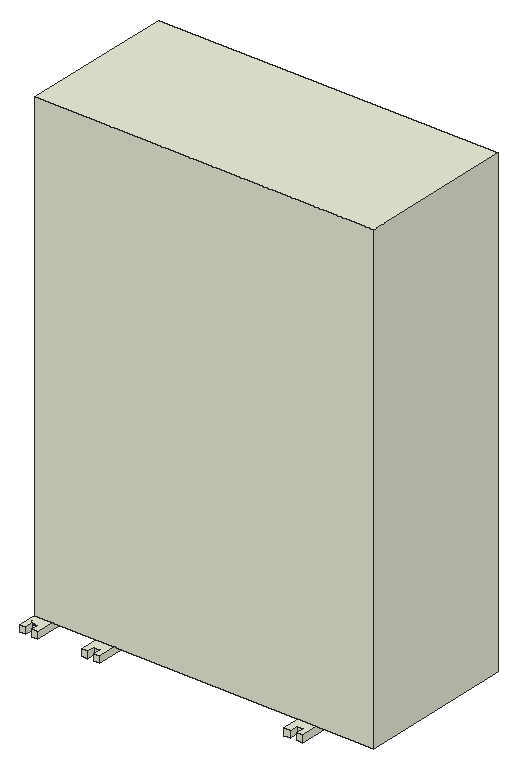
Revit family "Midea_VRF_Outdoor_Vi_MDVT-V280(335)WDGN1(50_60Hz)", category Mechanical Equipment, Revit 2013 (continued)
Automatic sketch dimensions
  curve 89 to curve 114 = 0.000 mm  (x2)
  curve 90 to curve 91 = 0.000 mm  (x2)
  curve 90 to curve 98 = 0.000 mm  (x2)
  curve 90 to curve 99 = 0.000 mm  (x2)
  curve 90 to curve 100 = 0.000 mm  (x2)
  curve 90 to curve 101 = 0.000 mm  (x2)
  curve 90 to curve 102 = 0.000 mm  (x2)
  curve 90 to curve 103 = 0.000 mm  (x2)
  curve 90 to curve 104 = 0.000 mm  (x2)
  curve 90 to curve 105 = 0.000 mm  (x2)
  curve 90 to curve 106 = 0.000 mm  (x2)
  curve 90 to curve 107 = 0.000 mm  (x2)
  curve 90 to curve 108 = 0.000 mm  (x2)
  curve 90 to curve 109 = 0.000 mm  (x2)
  curve 90 to curve 110 = 0.000 mm  (x2)
  curve 90 to curve 114 = 0.000 mm  (x2)
  curve 91 to curve 98 = 0.000 mm  (x2)
  curve 91 to curve 99 = 0.000 mm  (x2)
  curve 91 to curve 100 = 0.000 mm  (x2)
  curve 91 to curve 101 = 0.000 mm  (x2)
  curve 91 to curve 102 = 0.000 mm  (x2)
  curve 91 to curve 103 = 0.000 mm  (x2)
  curve 91 to curve 104 = 0.000 mm  (x2)
  curve 91 to curve 105 = 0.000 mm  (x2)
  curve 91 to curve 106 = 0.000 mm  (x2)
  curve 91 to curve 107 = 0.000 mm  (x2)
  curve 91 to curve 108 = 0.000 mm  (x2)
  curve 91 to curve 109 = 0.000 mm  (x2)
  curve 91 to curve 110 = 0.000 mm  (x2)
  curve 91 to curve 114 = 0.000 mm  (x2)
  curve 98 to curve 99 = 0.000 mm  (x2)
  curve 98 to curve 100 = 0.000 mm  (x2)
  curve 98 to curve 101 = 0.000 mm  (x2)
  curve 98 to curve 102 = 0.000 mm  (x2)
  curve 98 to curve 103 = 0.000 mm  (x2)
  curve 98 to curve 104 = 0.000 mm  (x2)
  curve 98 to curve 105 = 0.000 mm  (x2)
  curve 98 to curve 106 = 0.000 mm  (x2)
  curve 98 to curve 107 = 0.000 mm  (x2)
  curve 98 to curve 108 = 0.000 mm  (x2)
  curve 98 to curve 109 = 0.000 mm  (x2)
  curve 98 to curve 110 = 0.000 mm  (x2)
  curve 98 to curve 114 = 0.000 mm  (x2)
  curve 99 to curve 100 = 0.000 mm  (x2)
  curve 99 to curve 101 = 0.000 mm  (x2)
  curve 99 to curve 102 = 0.000 mm  (x2)
  curve 99 to curve 103 = 0.000 mm  (x2)
  curve 99 to curve 104 = 0.000 mm  (x2)
  curve 99 to curve 105 = 0.000 mm  (x2)
  curve 99 to curve 106 = 0.000 mm  (x2)
  curve 99 to curve 107 = 0.000 mm  (x2)
  curve 99 to curve 108 = 0.000 mm  (x2)
  curve 99 to curve 109 = 0.000 mm  (x2)
  curve 99 to curve 110 = 0.000 mm  (x2)
  curve 99 to curve 114 = 0.000 mm  (x2)
  curve 100 to curve 101 = 0.000 mm  (x2)
  curve 100 to curve 102 = 0.000 mm  (x2)
  curve 100 to curve 103 = 0.000 mm  (x2)
  curve 100 to curve 104 = 0.000 mm  (x2)
  curve 100 to curve 105 = 0.000 mm  (x2)
  curve 100 to curve 106 = 0.000 mm  (x2)
  curve 100 to curve 107 = 0.000 mm  (x2)
  curve 100 to curve 108 = 0.000 mm  (x2)
  curve 100 to curve 109 = 0.000 mm  (x2)
  curve 100 to curve 110 = 0.000 mm  (x2)
  curve 100 to curve 114 = 0.000 mm  (x2)
  curve 101 to curve 102 = 0.000 mm  (x2)
  curve 101 to curve 103 = 0.000 mm  (x2)
  curve 101 to curve 104 = 0.000 mm  (x2)
  curve 101 to curve 105 = 0.000 mm  (x2)
  curve 101 to curve 106 = 0.000 mm  (x2)
  curve 101 to curve 107 = 0.000 mm  (x2)
  curve 101 to curve 108 = 0.000 mm  (x2)
  curve 101 to curve 109 = 0.000 mm  (x2)
  curve 101 to curve 110 = 0.000 mm  (x2)
  curve 101 to curve 114 = 0.000 mm  (x2)
  curve 102 to curve 103 = 0.000 mm  (x2)
  curve 102 to curve 104 = 0.000 mm  (x2)
  curve 102 to curve 105 = 0.000 mm  (x2)
  curve 102 to curve 106 = 0.000 mm  (x2)
  curve 102 to curve 107 = 0.000 mm  (x2)
  curve 102 to curve 108 = 0.000 mm  (x2)
  curve 102 to curve 109 = 0.000 mm  (x2)
  curve 102 to curve 110 = 0.000 mm  (x2)
  curve 102 to curve 114 = 0.000 mm  (x2)
  curve 103 to curve 104 = 0.000 mm  (x2)
  curve 103 to curve 105 = 0.000 mm  (x2)
  curve 103 to curve 106 = 0.000 mm  (x2)
  curve 103 to curve 107 = 0.000 mm  (x2)
  curve 103 to curve 108 = 0.000 mm  (x2)
  curve 103 to curve 109 = 0.000 mm  (x2)
  curve 103 to curve 110 = 0.000 mm  (x2)
  curve 103 to curve 114 = 0.000 mm  (x2)
  curve 104 to curve 105 = 0.000 mm  (x2)
  curve 104 to curve 106 = 0.000 mm  (x2)
  curve 104 to curve 107 = 0.000 mm  (x2)
  curve 104 to curve 108 = 0.000 mm  (x2)
  curve 104 to curve 109 = 0.000 mm  (x2)
  curve 104 to curve 110 = 0.000 mm  (x2)
  curve 104 to curve 114 = 0.000 mm  (x2)
  curve 105 to curve 106 = 0.000 mm  (x2)
  curve 105 to curve 107 = 0.000 mm  (x2)
  curve 105 to curve 108 = 0.000 mm  (x2)
  curve 105 to curve 109 = 0.000 mm  (x2)
  curve 105 to curve 110 = 0.000 mm  (x2)
  curve 105 to curve 114 = 0.000 mm  (x2)
  curve 106 to curve 107 = 0.000 mm  (x2)
  curve 106 to curve 108 = 0.000 mm  (x2)
  curve 106 to curve 109 = 0.000 mm  (x2)
  curve 106 to curve 110 = 0.000 mm  (x2)
  curve 106 to curve 114 = 0.000 mm  (x2)
  curve 107 to curve 108 = 0.000 mm  (x2)
  curve 107 to curve 109 = 0.000 mm  (x2)
  curve 107 to curve 110 = 0.000 mm  (x2)
  curve 107 to curve 114 = 0.000 mm  (x2)
  curve 108 to curve 109 = 0.000 mm  (x2)
  curve 108 to curve 110 = 0.000 mm  (x2)
  curve 108 to curve 114 = 0.000 mm  (x2)
  curve 109 to curve 110 = 0.000 mm  (x2)
  curve 109 to curve 114 = 0.000 mm  (x2)
  curve 110 to curve 114 = 0.000 mm  (x2)
  curve 137 to curve 139 = 0.000 mm  (x2)
  plane 7 to curve 127 = 144.500 mm
  plane 4 to curve 115 = 86.339 mm
  plane 7 to curve 145 = 144.500 mm
  curve 34 to curve 128 = 0.000 mm
  plane 7 to curve 135 = 144.500 mm
  curve 127 to curve 130 = 0.000 mm
  curve 146 to curve 142 = 0.000 mm
  curve 34 to curve 33 = 16.500 mm
  curve 142 to curve 141 = 16.500 mm
  curve 127 to curve 126 = 16.500 mm
  curve 135 to curve 134 = 16.500 mm
  curve 130 to curve 129 = 16.500 mm
  curve 145 to curve 144 = 16.500 mm
  plane 3 to curve 135 = 32.535 mm
  plane 3 to curve 34 = 32.535 mm
  plane 3 to curve 33 = 16.035 mm
  plane 3 to curve 134 = 16.035 mm
  plane 3 to curve 37 = 11.734 mm
  plane 3 to curve 138 = 11.734 mm
  curve 36 to curve 39 = 3.000 mm
  curve 138 to curve 140 = 3.000 mm
  curve 113 to plane 3 = 162.000 mm
  curve 77 to plane 3 = 162.000 mm
  curve 113 to curve 115 = 526.063 mm
  level to curve 73 = 125.130 mm
  curve 73 to curve 73 = 526.063 mm
  curve 135 to curve 136 = 8.250 mm
  curve 130 to curve 131 = 8.250 mm
  curve 142 to curve 143 = 8.250 mm
  curve 145 to curve 146 = 8.250 mm
  curve 127 to curve 128 = 8.250 mm
  curve 34 to curve 35 = 8.250 mm
  plane 3 to curve 127 = 32.535 mm
  plane 3 to curve 142 = 32.535 mm
  plane 3 to curve 130 = 32.535 mm
  plane 3 to curve 145 = 32.535 mm
  curve 135 to curve 139 = 8.250 mm
  curve 34 to curve 36 = 8.250 mm
  plane 3 to curve 126 = 16.035 mm
  plane 3 to curve 129 = 16.035 mm
  plane 3 to curve 144 = 16.035 mm
  plane 3 to curve 141 = 16.035 mm
  curve 138 to plane 3 = 27.753 mm
  curve 37 to plane 3 = 27.753 mm
  curve 37 to curve 39 = 5.031 mm
  curve 138 to curve 140 = 5.031 mm
  curve 72 to plane 3 = 62.000 mm
  curve 111 to plane 3 = 62.000 mm
  curve 105 to curve 103 = 0.434 mm
  curve 66 to curve 64 = 0.434 mm
  curve 60 to curve 73 = 0.433 mm
  curve 99 to curve 112 = 0.433 mm
  curve 60 to curve 61 = 0.052 mm
  curve 99 to curve 100 = 0.052 mm
  curve 105 to curve 97 = 0.143 mm
  curve 66 to curve 58 = 0.143 mm
  curve 58 to curve 65 = 0.672 mm
  curve 97 to curve 104 = 0.672 mm
  curve 103 to curve 102 = 0.612 mm
  curve 64 to curve 63 = 0.612 mm
  curve 113 to curve 102 = 60.335 mm
  curve 74 to curve 63 = 60.335 mm
  curve 73 to curve 60 = 61.301 mm
  curve 112 to curve 99 = 61.301 mm
  curve 105 to curve 96 = 82.934 mm
  curve 66 to curve 57 = 82.934 mm
  curve 63 to curve 64 = 35.290 mm
  curve 102 to curve 103 = 35.290 mm
  curve 60 to curve 61 = 34.919 mm
  curve 99 to curve 100 = 34.919 mm
  curve 61 to curve 62 = 37.940 mm
  curve 100 to curve 101 = 37.940 mm
  curve 103 to curve 104 = 41.751 mm
  curve 64 to curve 65 = 41.751 mm
  curve 101 to curve 111 = 10.081 mm
  curve 62 to curve 72 = 10.081 mm
  curve 72 to curve 78 = 7.459 mm
  curve 111 to curve 117 = 7.459 mm
  curve 65 to curve 53 = 36.488 mm
  curve 104 to curve 92 = 36.488 mm
  curve 53 to curve 66 = 22.669 mm
  curve 92 to curve 105 = 22.669 mm
  curve 72 to curve 71 = 53.777 mm
  curve 111 to curve 110 = 53.777 mm
  curve 57 to curve 58 = 122.703 mm
  curve 96 to curve 97 = 122.703 mm
  curve 58 to curve 53 = 11.120 mm
  curve 97 to curve 92 = 11.120 mm
  curve 97 to curve 96 = 24.718 mm
  curve 58 to curve 57 = 24.718 mm
  curve 57 to curve 72 = 30.147 mm
  curve 96 to curve 111 = 30.147 mm
  curve 72 to curve 43 = 4.932 mm
  curve 95 to plane 4 = 6.791 mm
  curve 110 to curve 95 = 66.982 mm
  curve 96 to curve 80 = 35.079 mm
  curve 105 to curve 97 = 68.467 mm
  curve 58 to curve 97 = 0.000 mm
  level to curve 56 = 32.000 mm
  curve 71 to curve 56 = 66.982 mm
  curve 53 to curve 54 = 53.609 mm
  curve 92 to curve 93 = 53.609 mm
  curve 111 to curve 117 = 34.847 mm
  curve 72 to curve 78 = 34.847 mm
  curve 93 to curve 94 = 30.147 mm
  curve 54 to curve 55 = 30.147 mm
  curve 117 to curve 95 = 29.881 mm
  curve 78 to curve 56 = 29.881 mm
  curve 56 to curve 51 = 66.982 mm
  curve 95 to curve 90 = 66.982 mm
  curve 97 to curve 109 = 68.467 mm
  curve 58 to curve 70 = 68.467 mm
  curve 90 to curve 117 = 12.062 mm
  curve 51 to curve 78 = 12.062 mm
  curve 109 to curve 92 = 26.071 mm
  curve 70 to curve 53 = 26.071 mm
  curve 109 to curve 93 = 52.581 mm
  curve 70 to curve 54 = 52.581 mm
  curve 54 to curve 69 = 6.576 mm
  curve 78 to curve 59 = 48.579 mm
  curve 93 to curve 108 = 6.576 mm
  curve 117 to curve 98 = 48.579 mm
  curve 69 to curve 68 = 41.751 mm
  curve 108 to curve 107 = 41.751 mm
  curve 98 to curve 114 = 51.636 mm
  curve 59 to curve 75 = 51.636 mm
  curve 94 to curve 90 = 78.563 mm
  curve 55 to curve 51 = 78.563 mm
  curve 114 to curve 91 = 24.913 mm
  curve 75 to curve 52 = 24.913 mm
  curve 107 to curve 106 = 35.290 mm
  curve 68 to curve 67 = 35.290 mm
  curve 67 to curve 68 = 0.899 mm
  curve 106 to curve 107 = 0.899 mm
  curve 94 to curve 109 = 0.333 mm
  curve 55 to curve 70 = 0.333 mm
  curve 51 to curve 56 = 0.441 mm
  curve 90 to curve 95 = 0.441 mm
  curve 75 to curve 52 = 0.522 mm
  curve 114 to curve 91 = 0.522 mm
  curve 95 to curve 98 = 0.103 mm
  curve 56 to curve 59 = 0.103 mm
  curve 94 to curve 93 = 104.270 mm
  curve 55 to curve 54 = 104.270 mm
  plane 4 to curve 129 = 188.987 mm
  curve 131 to curve 130 = 28.579 mm
  curve 131 to curve 126 = 96.421 mm
  curve 128 to curve 127 = 28.579 mm
  curve 128 to curve 33 = 96.421 mm
  curve 35 to curve 34 = 28.579 mm
  curve 33 to curve 33 = 115.738 mm
  curve 33 to curve 39 = 19.804 mm
  curve 38 to curve 37 = 5.196 mm
  curve 39 to curve 116 = 55.180 mm
  curve 113 to curve 77 = 259.791 mm
  curve 74 to curve 135 = 43.696 mm
  curve 137 to curve 138 = 3.579 mm
  curve 138 to curve 140 = 5.196 mm
  curve 135 to curve 135 = 115.738 mm
  curve 135 to curve 134 = 28.579 mm
  curve 134 to curve 142 = 96.421 mm  (x2)
  curve 142 to curve 141 = 28.579 mm  (x2)
  curve 141 to curve 145 = 96.421 mm
  curve 145 to curve 144 = 28.579 mm  (x2)
  curve 99 to curve 100 = 0.356 mm
  curve 117 to curve 98 = 0.370 mm
  curve 100 to curve 111 = 0.630 mm
  curve 111 to curve 101 = 1.276 mm
  curve 91 to curve 114 = 6.793 mm
  curve 112 to curve 91 = 54.676 mm
  curve 111 to curve 117 = 71.809 mm
  curve 90 to curve 94 = 6.685 mm
  curve 96 to curve 110 = 3.294 mm
  curve 129 to curve 111 = 53.484 mm
  curve 129 to curve 130 = 28.579 mm
  curve 130 to curve 126 = 96.421 mm
  curve 126 to curve 127 = 28.579 mm
  curve 105 to curve 97 = 25.178 mm
  curve 92 to curve 109 = 89.000 mm
  curve 39 to curve 39 = 23.971 mm
  curve 39 to curve 37 = 4.023 mm
  curve 97 to curve 58 = 72.791 mm
  curve 66 to curve 53 = 0.859 mm
  curve 138 to curve 138 = 22.798 mm
  curve 138 to curve 140 = 4.023 mm
  curve 76 to curve 67 = 52.606 mm
  curve 70 to curve 53 = 89.000 mm
  curve 70 to curve 55 = 5.699 mm
  curve 57 to curve 66 = 5.406 mm
  curve 141 to curve 72 = 74.225 mm
  curve 72 to curve 145 = 22.196 mm
  curve 62 to curve 61 = 38.186 mm
  curve 56 to curve 59 = 36.477 mm
  curve 75 to curve 52 = 32.137 mm
  curve 61 to curve 60 = 33.665 mm
  level to curve 121 = 755.768 mm
  curve 125 to plane 3 = 140.500 mm
  curve 120 to curve 124 = 26.512 mm
  curve 124 to curve 122 = 34.939 mm
  curve 119 to curve 119 = 87.963 mm
  curve 124 to curve 123 = 368.779 mm
  curve 122 to curve 121 = 59.221 mm
  curve 120 to curve 119 = 145.000 mm
  plane 7 to Extrusion 21 sketch curve = 90.341 mm
  level to Extrusion 21 sketch curve = 747.625 mm
  plane 3 to Extrusion 21 sketch curve = 172.414 mm
  Extrusion 21 sketch curve to Extrusion 21 sketch curve = 64.746 mm
  plane 3 to curve 147 = 16.035 mm
  level to curve 147 = 346.225 mm
  curve 147 to curve 147 = 14.289 mm  (x2)
  plane 3 to curve 148 = 16.035 mm
  curve 147 to curve 148 = 96.421 mm
  curve 148 to curve 148 = 14.289 mm  (x2)
  curve 150 to plane 3 = 32.784 mm
  curve 148 to curve 150 = 140.196 mm
  curve 150 to curve 149 = 4.023 mm
  curve 149 to plane 3 = 27.753 mm
  curve 149 to curve 149 = 311.454 mm
  curve 149 to curve 150 = 4.023 mm
  plane 3 to curve 133 = 32.535 mm
  curve 150 to curve 133 = 140.196 mm
  curve 133 to curve 133 = 14.289 mm  (x2)
  plane 3 to curve 132 = 32.535 mm
  curve 133 to curve 132 = 96.421 mm
  curve 132 to curve 132 = 14.289 mm  (x2)
  plane 3 to curve 132 = 16.035 mm
  plane 3 to curve 133 = 16.035 mm
  curve 148 to curve 148 = 8.250 mm
  curve 147 to curve 147 = 8.250 mm
  plane 1 "中心(前/后)" to Extrusion 22 sketch curve = 40.000 mm
  level to Extrusion 22 sketch curve = 159.539 mm
  plane 1 "中心(前/后)" to Extrusion 23 sketch curve = 40.000 mm
  level to Extrusion 23 sketch curve = 110.015 mm
  plane 6 to Extrusion 1 sketch curve = 14.000 mm
  plane 6 to Extrusion 3 sketch curve = 53.264 mm
  plane 6 to Extrusion 4 sketch curve = 42.557 mm
  plane 6 to curve 29 = 63.989 mm
  Extrusion 24 sketch curve to plane 1 "中心(前/后)" = 1.781 mm
  level to Extrusion 24 sketch curve = 159.808 mm
  curve 169 to Extrusion 1 = 0.000 mm  (x2)
  curve 170 to Extrusion 1 = 0.000 mm  (x2)
  Extrusion 1 to curve 165 = 0.000 mm
  curve 171 to Extrusion 1 = 0.000 mm  (x2)
  curve 164 to Extrusion 1 = 0.000 mm
  Extrusion 1 to curve 173 = 0.000 mm  (x2)
  curve 172 to Extrusion 1 = 0.000 mm  (x3)
  Extrusion 1 to curve 173 = 322.200 mm
  curve 174 to Extrusion 1 = 0.000 mm  (x2)
  curve 175 to Extrusion 1 = 0.000 mm  (x3)
  Extrusion 1 to curve 174 = 0.000 mm
  plane 4 to curve 153 = 85.983 mm
  plane 1 "中心(前/后)" to curve 159 = 80.000 mm
  curve 155 to plane 1 "中心(前/后)" = 0.000 mm
  curve 151 to curve 154 = 0.000 mm
  curve 159 to curve 152 = 0.000 mm  (x2)
  curve 154 to plane 1 "中心(前/后)" = 40.000 mm
  curve 154 to curve 154 = 542.867 mm
  plane 1 "中心(前/后)" to curve 152 = 20.000 mm
  curve 152 to curve 154 = 0.000 mm
  plane 1 "中心(前/后)" to curve 163 = 40.000 mm
  level to curve 163 = 110.015 mm
  curve 160 to curve 152 = 20.000 mm
  curve 154 to curve 153 = 40.000 mm
  radius of Extrusion 2 sketch curve = 15.000 mm
  radius of Extrusion 3 sketch curve = 15.000 mm
  radius of curve 41 = 80.000 mm
  radius of curve 42 = 100.000 mm
  radius of curve 43 = 120.000 mm
  radius of curve 44 = 140.000 mm
  radius of curve 45 = 160.000 mm
  radius of curve 46 = 180.000 mm
  radius of curve 47 = 200.000 mm
  radius of curve 48 = 220.000 mm
  radius of curve 49 = 240.000 mm
  radius of curve 50 = 260.000 mm
  radius of curve 80 = 80.000 mm
  radius of curve 81 = 100.000 mm
  radius of curve 82 = 120.000 mm
  radius of curve 83 = 140.000 mm
  radius of curve 84 = 160.000 mm
  radius of curve 85 = 180.000 mm
  radius of curve 86 = 200.000 mm
  radius of curve 87 = 220.000 mm
  radius of curve 88 = 240.000 mm
  radius of curve 89 = 260.000 mm
  radius of Extrusion 22 sketch curve = 4.765 mm
  radius of Extrusion 23 sketch curve = 9.550 mm
  radius of Extrusion 24 sketch curve = 9.550 mm
Nested families
  nested 1: "Midea service space" at (-599.5, 214, 0), visible <- "clearance", type "Midea Service  Space"
    with Width 1120.000 mm, Height 1558.000 mm, Depth 300.000 mm
  nested 2: "Midea service space" at (-599.5, -614, 0), visible <- "clearance", type "Midea Service  Space"
    with Width 1120.000 mm, Height 1558.000 mm, Depth 300.000 mm
  nested 3: "Midea service space" at (520.5, -314, 0), visible <- "clearance", type "Midea Service  Space"
    with Width 300.000 mm, Height 1558.000 mm, Depth 528.000 mm
  nested 4: "Midea service space" at (-1199.5, -314, 0), visible <- "clearance", type "Midea Service  Space"
    with Width 600.000 mm, Height 1558.000 mm, Depth 528.000 mm
Connectors
  piping at (-599.5, -40, 159.539), driven by "Liquid pipe Radius"
    settings: on Extrusion 22, index 1, connector radius 6.350 mm, flow factor 0, pipe flow 0.0 m³/h, pressure drop 0.0 Pa, fitting loss kfactor 0, connector angle 0.00°, fixture units 0, engagement length 0.000 mm, flow configuration 2, flow direction 0, fitting loss method 4, system type 22, joint type 0, gender type 0, connector reference index -1, connector utility 0, adjustable connector no, is connector primary yes, fitting loss table "", connector description "Liquid pipe:Φ9.53mm"
  piping at (-599.5, -40, 110.015), driven by "Gas pipe Radius"
    settings: on Extrusion 23, index 2, connector radius 12.700 mm, flow factor 0, pipe flow 0.0 m³/h, pressure drop 0.0 Pa, fitting loss kfactor 0, connector angle 0.00°, fixture units 0, engagement length 0.000 mm, flow configuration 1, flow direction 0, fitting loss method 4, system type 22, joint type 0, gender type 0, connector reference index -1, connector utility 0, adjustable connector no, is connector primary no, fitting loss table "", connector description "Gas pipe:Φ19.1mm"
  electrical at (-599.5, 1.781, 159.808)
    settings: on Extrusion 24, index 3, voltage 380 V, apparent load 0 VA, apparent load phase1 0 VA, apparent load phase2 0 VA, apparent load phase3 0 VA, power factor 1, load classification "Power", number of poles 3, system type 30, power factor state 1, is connector primary yes, connector utility no, sub classification motor no, connector description "The location of  electrical connectors is not the same as the actual location because the wiring terminal is inside the unit."
Definition of nested family "Midea service space"
  Parameters (values of type "Midea Service  Space")
    Width [instance] = 500.000 mm
    Height [instance] = 500.000 mm
    Depth [instance] = 500.000 mm
  Reference planes
    plane 1 "Center (Front/Back)": y = 0
    plane 2: z = 0
    plane 3 "Center (Left/Right)": x = 0
    plane 4: z = 500
    plane 5: y = 500
    plane 6: x = 500
  Forms (mm)
    Extrusion 1, solid, material "Midea Service Space-HDY"
      sketch origin (0, 0, 0) x (1, 0, 0) y (0, 1, 0)
        loop
          line (0, 500) -> (0, 0) -> (500, 0) -> (500, 500) -> (0, 500)
      from 0 to 500
  Dimensions and locks
    "Width": plane 3 "Center (Left/Right)" to plane 6
    "Depth": plane 5 to plane 1 "Center (Front/Back)"
    "Height": level to plane 4
    aligned and locked: level to plane 2
    aligned and locked: plane 5 to Extrusion 1
    aligned and locked: Extrusion 1 to plane 6
    aligned and locked: Extrusion 1 to plane 3 "Center (Left/Right)"
    aligned and locked: plane 1 "Center (Front/Back)" to Extrusion 1
    aligned and locked: Extrusion 1 to plane 4
  Automatic sketch dimensions
    Extrusion 1 sketch curve to plane 3 "Center (Left/Right)" = 0.000 mm
    plane 1 "Center (Front/Back)" to Extrusion 1 sketch curve = 0.000 mm
    Extrusion 1 sketch curve to plane 6 = 0.000 mm
    Extrusion 1 sketch curve to plane 5 = 0.000 mm
Types (3, lengths in mm): name | Model | Liquid pipe Radius | Liquid pipe | Heating Power Input | Heating Capacity | MCA (Minimum Circuit Amps) | Cooling Power Input | Cooling Capacity | Air Flow
  (no name) | "MDVT-V335W/DGN1" | 6.350 | 12.700 | 9.2 kW | 37.5 kW | 26.4 A | 9.2 kW | 33.5 kW | 11300.000 m³/h
  MDVT-V280W/DGN1 | "MDVT-V280W/DGN1" | 4.765 | 9.530 | 7.5 kW | 31.5 kW | 25.85 A | 6.83 kW | 28 kW | 11000.000 m³/h
  MDVT-V335W/DGN1 | "MDVT-V335W/DGN1" | 6.350 | 12.700 | 9.2 kW | 37.5 kW | 26.4 A | 9.2 kW | 33.5 kW | 11300.000 m³/h
